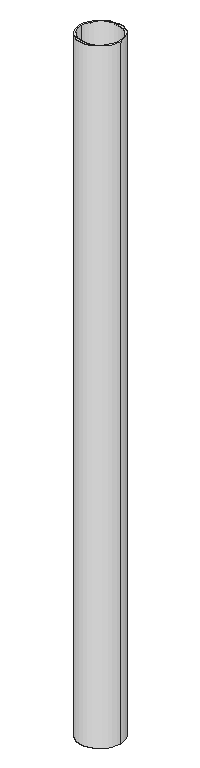
Revit family
Parameters (values of type "CHS165.1x5")
  Column Material [instance] = Metal - Steel - 345 MPa
  Assembly Code = ""
  A = 0.003 m²
  W = 0.19319
  OD = 165.1 mm
  t = 5 mm
Reference planes
  plane 1 "Center (Front/Back)": y = 0
  plane 2: z = 0
  plane 3 "Center (Left/Right)": x = 0
  plane 4: x = -82.55
  plane 5: x = 82.55
  plane 6: y = 82.55
  plane 7: y = -82.55
  plane 8: x = -77.55
  plane 9: x = 77.55
Forms (mm)
  Extrusion 1, solid, material "Metal - Steel - 345 MPa" <- "Column Material", detail levels medium+fine
    sketch origin (0, 0, 0) x (1, 0, 0) y (0, 1, 0)
      loop
        circle (0, 0) r 82.55
      loop
        circle (0, 0) r 77.55
    from 0 to 2500
Lines and regions (mm)
  symbolic lines, style "StructuralColumnStickSymbols", detail levels coarse
    curve 1: arc (-82.55, 0, 0) -> (0, -82.55, 0) -> (82.55, 0, 0) r 82.55
    curve 2: arc (82.55, 0, 0) -> (0, 82.55, 0) -> (-82.55, 0, 0) r 82.55
Dimensions and locks
  equal spacing: plane 4, plane 3 "Center (Left/Right)", plane 5
  equal spacing: plane 7, plane 1 "Center (Front/Back)", plane 6
  "OD": plane 7 to plane 6
  "OD": plane 4 to plane 5
  "t": plane 4 to plane 8
  "t": plane 9 to plane 5
  aligned and locked: level to Extrusion 1
  aligned and locked: level to plane 2
  aligned and locked: Extrusion 1 to plane 2
  aligned and locked: curve 1 to Extrusion 1
Automatic sketch dimensions
  Extrusion 1 sketch curve to plane 1 "Center (Front/Back)" = 0 mm  (x2)
  Extrusion 1 sketch curve to plane 4 = 0 mm
  Extrusion 1 sketch curve to plane 8 = 0 mm
  Extrusion 1 sketch curve to plane 3 "Center (Left/Right)" = 0 mm  (x2)
